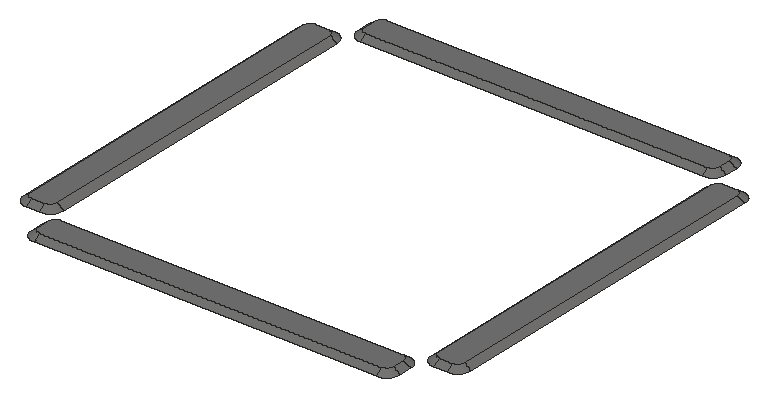
Revit family "Taktila - Vendefelt (280mm) - NCS8000", category Generic Models, host Face, Revit 2023
Family settings
  Host = Face
  Can host rebar = No
  Round Connector Dimension = Use Diameter
  Part Type = Normal
  Cut with Voids When Loaded = No
  Maintain Annotation Orientation = No
  Shared = No
  Room Calculation Point = No
Parameters
  Width [instance] = 340 mm
  Sklisikkerhet [instance] = "R10 (Ihht. DIN 51130-2104)"
  Mål [instance] = "340mmx340mm (L: 280mm / B: 30mm / H: 3,6mm - Ø: 30mm / H: 3,6mm)"
  Materiale [instance] = "Resirkulert nylon plast. PA 15%gf"
  Material [instance] = Taktila - Antrasitt Grå
  Innfesting [instance] = "3M™ VHB™ tape"
  Farge [instance] = "NCS 8000-N - Antrasitt Grå"
  EDP [instance] = "Miljødeklarasjon"
  Default Elevation = 1219.2 mm
Reference planes
  plane 1 "Center (Front/Back)": y = 0
  plane 2: z = 0
  plane 3 "Center (Left/Right)": x = 0
Dimensions and locks
  aligned and locked: plane 2 to host face
  aligned and locked: level to host face
Nested families
  nested 1: "Taktila - Objekt 2 - (Lang 280mm)" at (0, 155, 0), type "Taktila - Objekt 2 - (Lang 280mm)"
    with Sklisikkerhet "R10 (Ihht. DIN 51130-2104)", Mål "L: 280mm / B: 30mm / H: 3,6mm - Ø: 30mm / H: 3,6mm", Materiale "Resirkulert nylon plast. PA 15%gf", Material Taktila - Antrasitt Grå, Innfesting "3M™ VHB™ tape", Farge "NCS 8000-N - Antrasitt Grå", EDP "Miljødeklarasjon"
  nested 2: "Taktila - Objekt 2 - (Lang 280mm)" at (0, -155, 0), type "Taktila - Objekt 2 - (Lang 280mm)"
    with Sklisikkerhet "R10 (Ihht. DIN 51130-2104)", Mål "L: 280mm / B: 30mm / H: 3,6mm - Ø: 30mm / H: 3,6mm", Materiale "Resirkulert nylon plast. PA 15%gf", Material Taktila - Antrasitt Grå, Innfesting "3M™ VHB™ tape", Farge "NCS 8000-N - Antrasitt Grå", EDP "Miljødeklarasjon"
  nested 3: "Taktila - Objekt 2 - (Lang 280mm)" at (-155, 0, 0) x (0, 1, 0) z (0, 0, 1), type "Taktila - Objekt 2 - (Lang 280mm)"
    with Sklisikkerhet "R10 (Ihht. DIN 51130-2104)", Mål "L: 280mm / B: 30mm / H: 3,6mm - Ø: 30mm / H: 3,6mm", Materiale "Resirkulert nylon plast. PA 15%gf", Material Taktila - Antrasitt Grå, Innfesting "3M™ VHB™ tape", Farge "NCS 8000-N - Antrasitt Grå", EDP "Miljødeklarasjon"
  nested 4: "Taktila - Objekt 2 - (Lang 280mm)" at (155, 0, 0) x (0, 1, 0) z (0, 0, 1), type "Taktila - Objekt 2 - (Lang 280mm)"
    with Sklisikkerhet "R10 (Ihht. DIN 51130-2104)", Mål "L: 280mm / B: 30mm / H: 3,6mm - Ø: 30mm / H: 3,6mm", Materiale "Resirkulert nylon plast. PA 15%gf", Material Taktila - Antrasitt Grå, Innfesting "3M™ VHB™ tape", Farge "NCS 8000-N - Antrasitt Grå", EDP "Miljødeklarasjon"
Definition of nested family "Taktila - Objekt 2 - (Lang 280mm)"
  Parameters (values of type "Taktila - Objekt 2 - (Lang 280mm)")
    Sklisikkerhet [instance] = "R10 (Ihht. DIN 51130-2104)"
    Materiale [instance] = "Resirkulert nylon plast. PA 15%gf"
    Mål [instance] = "L: 280mm / B: 30mm / H: 3,6mm - Ø: 30mm / H: 3,6mm"
    Material [instance] = none
    Innfesting [instance] = "3M™ VHB™ tape"
    Farge [instance] = "NCS 8000-N - Antrasitt Grå"
    EDP [instance] = "Miljødeklarasjon"
    Default Elevation = 0 mm
  Reference planes
    plane 1 "Center (Front/Back)": y = 0
    plane 2: z = 0
    plane 3 "Center (Left/Right)": x = 0
  Forms (mm)
    Blend 1, solid
      base sketch origin (0, 0, 0) x (1, 0, 0) y (0, 1, 0)
        loop
          arc (-130, 15) -> (-137.071, 12.071) -> (-140, 5) r 10
          line (-140, 5) -> (-140, -5)
          arc (-140, -5) -> (-137.071, -12.071) -> (-130, -15) r 10
          line (-130, -15) -> (130, -15)
          arc (130, -15) -> (137.071, -12.071) -> (140, -5) r 10
          line (140, -5) -> (140, 5)
          arc (140, 5) -> (137.071, 12.071) -> (130, 15) r 10
          line (130, 15) -> (-130, 15)
      top sketch origin (0, 0, 0) x (1, 0, 0) y (0, 1, 0)
        loop
          arc (-130, 10) -> (-133.536, 8.536) -> (-135, 5) r 5
          line (-135, 5) -> (-135, -5)
          arc (-135, -5) -> (-133.536, -8.536) -> (-130, -10) r 5
          line (-130, -10) -> (130, -10)
          arc (130, -10) -> (133.536, -8.536) -> (135, -5) r 5
          line (135, -5) -> (135, 5)
          arc (135, 5) -> (133.536, 8.536) -> (130, 10) r 5
          line (130, 10) -> (-130, 10)
      from 0 to 3.6
  Dimensions and locks
    aligned and locked: level to plane 2
